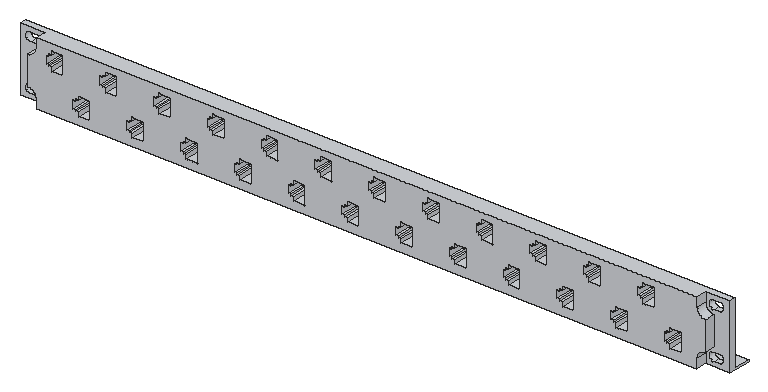
Revit family
Parameters (values of type "TEXT")
  Material ID = "760083295"
  Description = "iPatch® M4200i 24 Port FTP Intelligent Universal Modular Panel with 24 GigaSPEED® X10D F/UTP Outlets"
Reference planes (in)
  plane 1 "Center (Front/Back)": y = 0
  plane 2: z = 0
  plane 3 "Center (Left/Right)": x = 0
Forms (in)
  Extrusion 1, solid
    sketch origin (0, 0, 0) x (1, 0, 0) y (0, 0, 1)
      loop
        line (-9.5, 0.86) -> (-9.5, -0.86) -> (9.5, -0.86) -> (9.5, 0.86) -> (-9.5, 0.86)
    from 0 to 0.9
  Extrusion 2, void
    sketch origin (0, 0, 0) x (1, 0, 0) y (0, 0, 1)
      loop
        line (-9.5, 0.86) -> (-9.5, -0.81) -> (9.5, -0.81) -> (9.5, 0.86) -> (-9.5, 0.86)
    from 0 to 0.45
  Extrusion 3, void
    sketch origin (0, 0, 0) x (1, 0, 0) y (0, 0, 1)
      loop
        line (-8.58, 0.54) -> (-8.58, 0.3355) -> (-8.51, 0.3355) -> (-8.51, 0.295) -> (-8.44, 0.295) -> (-8.44, 0.19) -> (-8.13, 0.19) -> (-8.13, 0.69) -> (-8.44, 0.69) -> (-8.44, 0.585) -> (-8.51, 0.585) -> (-8.51, 0.54) -> (-8.58, 0.54)
      loop
        line (-7.86, -0.29) -> (-7.86, -0.4945) -> (-7.79, -0.4945) -> (-7.79, -0.535) -> (-7.72, -0.535) -> (-7.72, -0.64) -> (-7.41, -0.64) -> (-7.41, -0.14) -> (-7.72, -0.14) -> (-7.72, -0.245) -> (-7.79, -0.245) -> (-7.79, -0.29) -> (-7.86, -0.29)
    from 0 to 2
  Extrusion 4, void
    sketch origin (1.44, 0, 0) x (1, 0, 0) y (0, 0, 1)
      loop
        line (-8.58, 0.54) -> (-8.58, 0.3355) -> (-8.51, 0.3355) -> (-8.51, 0.295) -> (-8.44, 0.295) -> (-8.44, 0.19) -> (-8.13, 0.19) -> (-8.13, 0.69) -> (-8.44, 0.69) -> (-8.44, 0.585) -> (-8.51, 0.585) -> (-8.51, 0.54) -> (-8.58, 0.54)
      loop
        line (-7.86, -0.29) -> (-7.86, -0.4945) -> (-7.79, -0.4945) -> (-7.79, -0.535) -> (-7.72, -0.535) -> (-7.72, -0.64) -> (-7.41, -0.64) -> (-7.41, -0.14) -> (-7.72, -0.14) -> (-7.72, -0.245) -> (-7.79, -0.245) -> (-7.79, -0.29) -> (-7.86, -0.29)
    from 0 to 2
  Extrusion 5, void
    sketch origin (2.88, 0, 0) x (1, 0, 0) y (0, 0, 1)
      loop
        line (-8.58, 0.54) -> (-8.58, 0.3355) -> (-8.51, 0.3355) -> (-8.51, 0.295) -> (-8.44, 0.295) -> (-8.44, 0.19) -> (-8.13, 0.19) -> (-8.13, 0.69) -> (-8.44, 0.69) -> (-8.44, 0.585) -> (-8.51, 0.585) -> (-8.51, 0.54) -> (-8.58, 0.54)
      loop
        line (-7.86, -0.29) -> (-7.86, -0.4945) -> (-7.79, -0.4945) -> (-7.79, -0.535) -> (-7.72, -0.535) -> (-7.72, -0.64) -> (-7.41, -0.64) -> (-7.41, -0.14) -> (-7.72, -0.14) -> (-7.72, -0.245) -> (-7.79, -0.245) -> (-7.79, -0.29) -> (-7.86, -0.29)
    from 0 to 2
  Extrusion 6, void
    sketch origin (4.32, 0, 0) x (1, 0, 0) y (0, 0, 1)
      loop
        line (-8.58, 0.54) -> (-8.58, 0.3355) -> (-8.51, 0.3355) -> (-8.51, 0.295) -> (-8.44, 0.295) -> (-8.44, 0.19) -> (-8.13, 0.19) -> (-8.13, 0.69) -> (-8.44, 0.69) -> (-8.44, 0.585) -> (-8.51, 0.585) -> (-8.51, 0.54) -> (-8.58, 0.54)
      loop
        line (-7.86, -0.29) -> (-7.86, -0.4945) -> (-7.79, -0.4945) -> (-7.79, -0.535) -> (-7.72, -0.535) -> (-7.72, -0.64) -> (-7.41, -0.64) -> (-7.41, -0.14) -> (-7.72, -0.14) -> (-7.72, -0.245) -> (-7.79, -0.245) -> (-7.79, -0.29) -> (-7.86, -0.29)
    from 0 to 2
  Extrusion 7, void
    sketch origin (5.76, 0, 0) x (1, 0, 0) y (0, 0, 1)
      loop
        line (-8.58, 0.54) -> (-8.58, 0.3355) -> (-8.51, 0.3355) -> (-8.51, 0.295) -> (-8.44, 0.295) -> (-8.44, 0.19) -> (-8.13, 0.19) -> (-8.13, 0.69) -> (-8.44, 0.69) -> (-8.44, 0.585) -> (-8.51, 0.585) -> (-8.51, 0.54) -> (-8.58, 0.54)
      loop
        line (-7.86, -0.29) -> (-7.86, -0.4945) -> (-7.79, -0.4945) -> (-7.79, -0.535) -> (-7.72, -0.535) -> (-7.72, -0.64) -> (-7.41, -0.64) -> (-7.41, -0.14) -> (-7.72, -0.14) -> (-7.72, -0.245) -> (-7.79, -0.245) -> (-7.79, -0.29) -> (-7.86, -0.29)
    from 0 to 2
  Extrusion 8, void
    sketch origin (7.2, 0, 0) x (1, 0, 0) y (0, 0, 1)
      loop
        line (-8.58, 0.54) -> (-8.58, 0.3355) -> (-8.51, 0.3355) -> (-8.51, 0.295) -> (-8.44, 0.295) -> (-8.44, 0.19) -> (-8.13, 0.19) -> (-8.13, 0.69) -> (-8.44, 0.69) -> (-8.44, 0.585) -> (-8.51, 0.585) -> (-8.51, 0.54) -> (-8.58, 0.54)
      loop
        line (-7.86, -0.29) -> (-7.86, -0.4945) -> (-7.79, -0.4945) -> (-7.79, -0.535) -> (-7.72, -0.535) -> (-7.72, -0.64) -> (-7.41, -0.64) -> (-7.41, -0.14) -> (-7.72, -0.14) -> (-7.72, -0.245) -> (-7.79, -0.245) -> (-7.79, -0.29) -> (-7.86, -0.29)
    from 0 to 2
  Extrusion 9, void
    sketch origin (8.64, 0, 0) x (1, 0, 0) y (0, 0, 1)
      loop
        line (-8.58, 0.54) -> (-8.58, 0.3355) -> (-8.51, 0.3355) -> (-8.51, 0.295) -> (-8.44, 0.295) -> (-8.44, 0.19) -> (-8.13, 0.19) -> (-8.13, 0.69) -> (-8.44, 0.69) -> (-8.44, 0.585) -> (-8.51, 0.585) -> (-8.51, 0.54) -> (-8.58, 0.54)
      loop
        line (-7.86, -0.29) -> (-7.86, -0.4945) -> (-7.79, -0.4945) -> (-7.79, -0.535) -> (-7.72, -0.535) -> (-7.72, -0.64) -> (-7.41, -0.64) -> (-7.41, -0.14) -> (-7.72, -0.14) -> (-7.72, -0.245) -> (-7.79, -0.245) -> (-7.79, -0.29) -> (-7.86, -0.29)
    from 0 to 2
  Extrusion 10, void
    sketch origin (10.08, 0, 0) x (1, 0, 0) y (0, 0, 1)
      loop
        line (-8.58, 0.54) -> (-8.58, 0.3355) -> (-8.51, 0.3355) -> (-8.51, 0.295) -> (-8.44, 0.295) -> (-8.44, 0.19) -> (-8.13, 0.19) -> (-8.13, 0.69) -> (-8.44, 0.69) -> (-8.44, 0.585) -> (-8.51, 0.585) -> (-8.51, 0.54) -> (-8.58, 0.54)
      loop
        line (-7.86, -0.29) -> (-7.86, -0.4945) -> (-7.79, -0.4945) -> (-7.79, -0.535) -> (-7.72, -0.535) -> (-7.72, -0.64) -> (-7.41, -0.64) -> (-7.41, -0.14) -> (-7.72, -0.14) -> (-7.72, -0.245) -> (-7.79, -0.245) -> (-7.79, -0.29) -> (-7.86, -0.29)
    from 0 to 2
  Extrusion 11, void
    sketch origin (11.52, 0, 0) x (1, 0, 0) y (0, 0, 1)
      loop
        line (-8.58, 0.54) -> (-8.58, 0.3355) -> (-8.51, 0.3355) -> (-8.51, 0.295) -> (-8.44, 0.295) -> (-8.44, 0.19) -> (-8.13, 0.19) -> (-8.13, 0.69) -> (-8.44, 0.69) -> (-8.44, 0.585) -> (-8.51, 0.585) -> (-8.51, 0.54) -> (-8.58, 0.54)
      loop
        line (-7.86, -0.29) -> (-7.86, -0.4945) -> (-7.79, -0.4945) -> (-7.79, -0.535) -> (-7.72, -0.535) -> (-7.72, -0.64) -> (-7.41, -0.64) -> (-7.41, -0.14) -> (-7.72, -0.14) -> (-7.72, -0.245) -> (-7.79, -0.245) -> (-7.79, -0.29) -> (-7.86, -0.29)
    from 0 to 2
  Extrusion 12, void
    sketch origin (12.96, 0, 0) x (1, 0, 0) y (0, 0, 1)
      loop
        line (-8.58, 0.54) -> (-8.58, 0.3355) -> (-8.51, 0.3355) -> (-8.51, 0.295) -> (-8.44, 0.295) -> (-8.44, 0.19) -> (-8.13, 0.19) -> (-8.13, 0.69) -> (-8.44, 0.69) -> (-8.44, 0.585) -> (-8.51, 0.585) -> (-8.51, 0.54) -> (-8.58, 0.54)
      loop
        line (-7.86, -0.29) -> (-7.86, -0.4945) -> (-7.79, -0.4945) -> (-7.79, -0.535) -> (-7.72, -0.535) -> (-7.72, -0.64) -> (-7.41, -0.64) -> (-7.41, -0.14) -> (-7.72, -0.14) -> (-7.72, -0.245) -> (-7.79, -0.245) -> (-7.79, -0.29) -> (-7.86, -0.29)
    from 0 to 2
  Extrusion 13, void
    sketch origin (14.4, 0, 0) x (1, 0, 0) y (0, 0, 1)
      loop
        line (-8.58, 0.54) -> (-8.58, 0.3355) -> (-8.51, 0.3355) -> (-8.51, 0.295) -> (-8.44, 0.295) -> (-8.44, 0.19) -> (-8.13, 0.19) -> (-8.13, 0.69) -> (-8.44, 0.69) -> (-8.44, 0.585) -> (-8.51, 0.585) -> (-8.51, 0.54) -> (-8.58, 0.54)
      loop
        line (-7.86, -0.29) -> (-7.86, -0.4945) -> (-7.79, -0.4945) -> (-7.79, -0.535) -> (-7.72, -0.535) -> (-7.72, -0.64) -> (-7.41, -0.64) -> (-7.41, -0.14) -> (-7.72, -0.14) -> (-7.72, -0.245) -> (-7.79, -0.245) -> (-7.79, -0.29) -> (-7.86, -0.29)
    from 0 to 2
  Extrusion 14, void
    sketch origin (15.84, 0, 0) x (1, 0, 0) y (0, 0, 1)
      loop
        line (-8.58, 0.54) -> (-8.58, 0.3355) -> (-8.51, 0.3355) -> (-8.51, 0.295) -> (-8.44, 0.295) -> (-8.44, 0.19) -> (-8.13, 0.19) -> (-8.13, 0.69) -> (-8.44, 0.69) -> (-8.44, 0.585) -> (-8.51, 0.585) -> (-8.51, 0.54) -> (-8.58, 0.54)
      loop
        line (-7.86, -0.29) -> (-7.86, -0.4945) -> (-7.79, -0.4945) -> (-7.79, -0.535) -> (-7.72, -0.535) -> (-7.72, -0.64) -> (-7.41, -0.64) -> (-7.41, -0.14) -> (-7.72, -0.14) -> (-7.72, -0.245) -> (-7.79, -0.245) -> (-7.79, -0.29) -> (-7.86, -0.29)
    from 0 to 2
  Extrusion 15, void
    sketch origin (0, 0, 0) x (1, 0, 0) y (0, 0, 1)
      loop
        arc (-9.07, 0.39) -> (-8.91444, 0.45444) -> (-8.85, 0.61) r 0.22
        line (-8.85, 0.61) -> (-8.85, 1.01622) -> (-9.66149, 1.01622) -> (-9.66149, -0.98378) -> (-8.85, -0.98378) -> (-8.85, -0.61)
        arc (-8.85, -0.61) -> (-8.91444, -0.45444) -> (-9.07, -0.39) r 0.22
        line (-9.07, -0.39) -> (-9.07, 0.39)
      loop
        line (9.07, 0.39) -> (9.07, -0.39)
        arc (9.07, -0.39) -> (8.91444, -0.45444) -> (8.85, -0.61) r 0.22
        line (8.85, -0.61) -> (8.85, -0.98378) -> (9.66149, -0.98378) -> (9.66149, 1.01622) -> (8.85, 1.01622) -> (8.85, 0.61)
        arc (8.85, 0.61) -> (8.91444, 0.45444) -> (9.07, 0.39) r 0.22
    from 0.62337 to 1.78193
  Extrusion 16, void
    sketch origin (0, 0, 0) x (1, 0, 0) y (0, 0, 1)
      loop
        arc (-9.23, 0.75) -> (-9.355, 0.625) -> (-9.23, 0.5) r 0.125
        line (-9.23, 0.5) -> (-9.08, 0.5)
        arc (-9.08, 0.5) -> (-8.955, 0.625) -> (-9.08, 0.75) r 0.125
        line (-9.08, 0.75) -> (-9.23, 0.75)
      loop
        line (-9.23, -0.75) -> (-9.08, -0.75)
        arc (-9.08, -0.75) -> (-8.955, -0.625) -> (-9.08, -0.5) r 0.125
        line (-9.08, -0.5) -> (-9.23, -0.5)
        arc (-9.23, -0.5) -> (-9.355, -0.625) -> (-9.23, -0.75) r 0.125
      loop
        line (9.23, 0.75) -> (9.08, 0.75)
        arc (9.08, 0.75) -> (8.955, 0.625) -> (9.08, 0.5) r 0.125
        line (9.08, 0.5) -> (9.23, 0.5)
        arc (9.23, 0.5) -> (9.355, 0.625) -> (9.23, 0.75) r 0.125
      loop
        arc (9.23, -0.75) -> (9.355, -0.625) -> (9.23, -0.5) r 0.125
        line (9.23, -0.5) -> (9.08, -0.5)
        arc (9.08, -0.5) -> (8.955, -0.625) -> (9.08, -0.75) r 0.125
        line (9.08, -0.75) -> (9.23, -0.75)
    from -2.76459 to 5.62251
Cuts and joins
  Extrusion 2, Extrusion 3, Extrusion 4, Extrusion 5, Extrusion 6, Extrusion 7, Extrusion 8, Extrusion 9, Extrusion 10, Extrusion 11, Extrusion 12, Extrusion 13, Extrusion 14, Extrusion 15, Extrusion 16 cuts Extrusion 1
Dimensions and locks (in)
  equal spacing: group 1, group 2, group 3, group 4, group 5, group 6, group 7, group 8, group 9, group 10, group 11, group 12  (x3)
